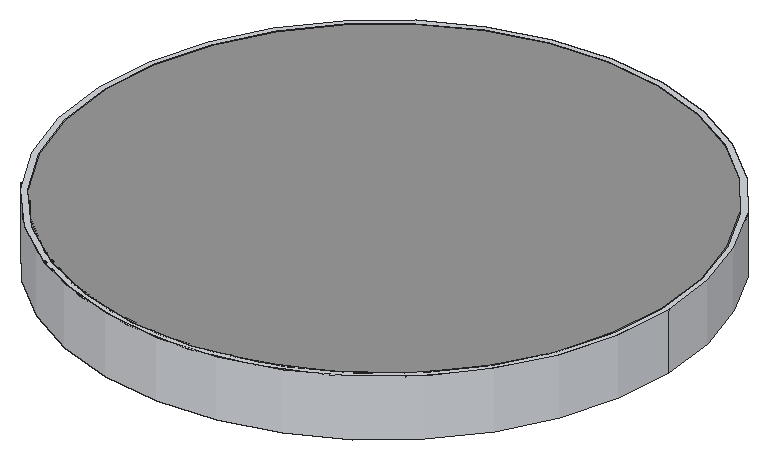
Revit family "2071204", category Lighting Fixtures, host Face, Revit 2018
Family settings
  Host = Face
  Round Connector Dimension = Use Diameter
  Part Type = Normal
  OmniClass Number = 23.80.70.00
  OmniClass Title = Lighting
  Cut with Voids When Loaded = No
  Light Source = Yes
  Shared = No
  Room Calculation Point = No
Parameters (values of type "2071204 COLOSSAL 600 830 PR DIR+H WHT EM")
  iner diameter = 588 mm
  Weight = "n/a"
  Wattage Comments = ""
  Wattage = 30 W
  WarrantyStartDate [instance] = "n/a"
  WarrantyGuarantorParts = "n/a"
  WarrantyDurationUnit = "n/a"
  WarrantyDurationParts = ""
  WarrantyDescription = "http://www.sylvania-lighting.com"
  built-in parameter 1150110 = 1 (stored number, unit not read)
  Voltage = 230 V
  URL = "0.95"
  TypeName = "COLOSSAL 600mm 830 PRISM DIR+HAL WHITE EM"
  Type Image = <None>
  Type Comments = "n/a"
  built-in parameter 1114217 = 1 (stored number, unit not read)
  Tilt Angle = -90.00°
  built-in parameter 1150109 = 1 (stored number, unit not read)
  built-in parameter 1150134 = (empty or 0)
  built-in parameter 1150113 = 1 (stored number, unit not read)
  SerialNumber [instance] = "n/a"
  Photometric Web File = "2071204.ies"
  Material_3_SYL = LED-Sylvania
  PowerFactor = 0
  PowerConsumption = "Lighting"
  NominalLength = 600 mm
  NominalHeight = 93 mm
  NominalDepth = 600 mm
  Name = "COLOSSAL 600mm 830 PRISM DIR+HAL WHITE EM"
  ModelReference = Name  # "COLOSSAL 600mm 830 PRISM DIR+HAL WHITE EM"
  ModelNumber = "2071204"
  Model = Name  # "COLOSSAL 600mm 830 PRISM DIR+HAL WHITE EM"
  Material = "Feilo Sylvania"
  ManufacturerName = "121 lm/W"
  Manufacturer = ""
  LuminousEfficacy = ""
  built-in parameter 1150105 = 270.44 (stored number, unit not read)
  Lumens = 3398.4 lm
  LuminaireType = "0"
  built-in parameter 1150115 = 1 (stored number, unit not read)
  LightOutputRatio = "LED"
  built-in parameter 1150137 = (empty or 0)
  built-in parameter 1150139 = (empty or 0)
  LampsType = Lamp  # "n/a"
  LampNominalLuminous = "3000 K"
  LampMacAdamStep = "80"
  LampColourTemperature = "LED"
  LampColourRenderingIndex = "16500"
  built-in parameter 1150112 = 1 (stored number, unit not read)
  built-in parameter 1150114 = 1 (stored number, unit not read)
  Lamp = "n/a"
  Keynote = "n/a"
  InstallationDate [instance] = "n/a"
  InputVoltage = "0"
  InputNominalFrequency = "3000"
  built-in parameter 1150132 = (empty or 0)
  built-in parameter 1150102 = (empty or 0)
  built-in parameter 1150107 = 3000 (stored number, unit not read)
  built-in parameter 1150138 = (empty or 0)
  IngressProtection = "IfcLightFixtureType"
  ImpactProtectionIndex = "IfcLightFixtureType"
  built-in parameter 1150106 = 2.7044 (stored number, unit not read)
  IfcExportType = "IfcLightFixtureType"
  IfcExportAs = "Class I"
  Emit from Circle Diameter = 385 mm
  Emit Shape Visible in Rendering = no
  ElectricShockClassification = "121"
  built-in parameter 1150104 = 10.524 (stored number, unit not read)
  DocumentationLiterature = "http://www.sylvania-lighting.com/product/en-int/products/2071204"
  DimmingControlOptions = "n/a"
  Material_2_SYL = Polycarbonate_Sylvania_White
  Dimming Lamp Color Temperature Shift = <None>
  Description = "600mm diameter circular architectural luminaire, can be surface mounted or suspended. Powder coated aluminium housing (RAL9016) with PMMA prismatic diffuser. Direct/indirect (halo) light distribution, 3900lm luminuous flux, 32.1W system power, 121lm/W luminiaire efficacy. Constant current driver. 3 hours integrated emergency. Colour rendering index Ra >80, 3000K Warm White LED, chromaticity tolerance of 3-step MacAdam ellipse. IP40, IK03. 350mA drive current. UGR≤19. Electrical protection Class1, 220-240V. Reported lifetime 66k hours L90B10."
  Default Elevation = 1219.2 mm
  CreatedOn = "23/03/2022"
  CreatedBy = "@sylvania-lighting.com"
  Cost = 0
  Color Filter = 16777215
  built-in parameter 1114216 [instance] = (empty or 0)
  ClassificationValue = "EF_70_80"
  ClassificationName = "Uniclass2015"
  Material_1_SYL = Polycarbonate_Sylvania_Opal
  BarCode [instance] = "n/a"
  built-in parameter 1114218 = 1 (stored number, unit not read)
  built-in parameter 1150133 = 10 (stored number, unit not read)
  AssetType = "Fixed"
  AssetIdentifier [instance] = "n/a"
  Assembly Code = "D5020200"
  Apparent Load = 32.1 VA
  Material_4_SYL = none
Reference planes
  plane 1 "Center (Front/Back)": y = 0
  plane 2: z = 0
  plane 3 "Center (Left/Right)": x = 0
  plane 4: x = -300
  plane 5: x = 300
  plane 6: y = 300
  plane 7: y = -300
  plane 8: y = 212
  plane 9: y = -212
  plane 10: z = 93
  plane 11: y = 294
  plane 12: y = -294
  plane 13: through (0, 0, 1219.2) normal (0.5, -0.866, 0)
  plane 14: through (-134.29, 20.617, 1219.2) normal (0.5, -0.866, 0)
  plane 15: through (-144.685, -181.683, 1219.2) normal (-0.5, 0.866, 0)
  plane 16: through (0, 0, 1219.2) normal (0.5, 0.866, 0)
  plane 17: through (178.555, -4.939, 1219.2) normal (0.5, 0.866, 0)
  plane 18: through (87.581, -148.715, 1219.2) normal (0.5, 0.866, 0)
  plane 19: y = 272
  plane 20: through (105.168, 227.067, 1219.2) normal (0.866, 0.5, 0)
  plane 21: through (-104.171, 225.672, 1219.2) normal (0.8572, -0.515, 0)
  plane 22: y = -204.612
  plane 23: through (-296.643, -30.2, 1219.2) normal (0.866, 0.5, 0)
  plane 24: through (153.092, -278.837, 1219.2) normal (-0.866, 0.5, 0)
Forms (mm)
  Extrusion 1, solid, detail levels medium+fine
    sketch origin (0, 0, 0) x (1, 0, 0) y (0, 1, 0)
      loop
        circle (0, 0) r 300
    from 33.023 to 93
  Extrusion 2, void
    sketch origin (0, 0, 0) x (1, 0, 0) y (0, 1, 0)
      loop
        circle (0, 0) r 294
    from 93 to 37.292
  Extrusion 3, solid, material "Glass, White, High Luminance", detail levels fine
    sketch origin (0, 0, 0) x (1, 0, 0) y (0, 1, 0)
      loop
        circle (0, 0) r 294
    from 88.026 to 93
  Extrusion 4, solid, detail levels coarse
    sketch origin (0, 0, 0) x (1, 0, 0) y (0, 1, 0)
      loop
        line (-300, 300) -> (-300, -300) -> (300, -300) -> (300, 300) -> (-300, 300)
    from 0 to 93
  Blend 5, solid, detail levels medium+fine
    base sketch origin (0, 0, 0) x (1, 0, 0) y (0, 1, 0)
      loop
        line (-76.334, 272) -> (-277.665, -63.07) -> (-195.946, -204.612) -> (195.946, -204.612) -> (275.172, -67.388) -> (79.226, 272) -> (-76.334, 272)
    top sketch origin (0, 0, 0) x (1, 0, 0) y (0, 1, 0)
      loop
        line (-226.097, -32.388) -> (-141.097, -179.612) -> (141.097, -179.612) -> (226.097, -32.388) -> (85, 212) -> (-85, 212) -> (-226.097, -32.388)
    from 33.023 to 0
Cuts and joins
  Extrusion 2 cuts Extrusion 1
Lines and regions (mm)
  model lines
    curve 1: line (-85, 212, 0) -> (0, 212, 0)
    curve 2: line (0, 212, 0) -> (85, 212, 0)
Dimensions and locks
  "NominalDepth": plane 6 to plane 7
  "NominalLength": plane 4 to plane 5
  equal spacing: plane 4, plane 3 "Center (Left/Right)", plane 5
  "iner diameter": plane 11 to plane 12
  equal spacing: plane 11, plane 1 "Center (Front/Back)", plane 12
  equal spacing: plane 6, plane 1 "Center (Front/Back)", plane 7
  "NominalHeight": plane 10 to level
  radius of Extrusion 2 sketch curve = 294 mm
  aligned and locked: plane 2 to host face
  aligned and locked: level to host face
Automatic sketch dimensions
  host sketch curve to host sketch curve = 2438.4 mm  (x2)
  plane 1 "Center (Front/Back)" to Extrusion 1 sketch curve = 0 mm
  Extrusion 1 sketch curve to plane 3 "Center (Left/Right)" = 0 mm
  plane 1 "Center (Front/Back)" to Extrusion 2 sketch curve = 0 mm
  Extrusion 2 sketch curve to plane 3 "Center (Left/Right)" = 0 mm
  plane 1 "Center (Front/Back)" to Extrusion 3 sketch curve = 0 mm
  Extrusion 3 sketch curve to plane 3 "Center (Left/Right)" = 0 mm
  Extrusion 4 sketch curve to plane 4 = 0 mm
  Extrusion 4 sketch curve to plane 5 = 0 mm
  Extrusion 4 sketch curve to plane 7 = 0 mm
  Extrusion 4 sketch curve to plane 6 = 0 mm
  Blend 5 sketch curve to plane 8 = 0 mm
  Blend 5 sketch curve to plane 3 "Center (Left/Right)" = 85 mm
  plane 3 "Center (Left/Right)" to Blend 5 sketch curve = 85 mm
  plane 9 to Blend 5 sketch curve = 32.388 mm
  plane 3 "Center (Left/Right)" to Blend 5 sketch curve = 141.097 mm
  plane 1 "Center (Front/Back)" to Blend 5 sketch curve = 32.388 mm  (x2)
  Blend 5 sketch curve to plane 5 = 73.903 mm
  Blend 5 sketch curve to plane 3 "Center (Left/Right)" = 141.097 mm
  plane 4 to Blend 5 sketch curve = 73.903 mm
  curve 1 to plane 8 = 0 mm
  curve 2 to plane 3 "Center (Left/Right)" = 0 mm
  curve 1 to plane 3 "Center (Left/Right)" = 85 mm
  curve 1 to curve 2 = 85 mm
  Blend 5 sketch curve to plane 21 = 0 mm
  Blend 5 sketch curve to plane 23 = 0 mm  (x2)
  Blend 5 sketch curve to plane 22 = 0 mm
  Blend 5 sketch curve to plane 19 = 0 mm
  plane 21 to Blend 5 sketch curve = 0 mm
  Blend 5 sketch curve to plane 20 = 0 mm  (x2)
  Blend 5 sketch curve to plane 24 = 0 mm  (x2)
  radius of Extrusion 1 sketch curve = 300 mm
  radius of Extrusion 3 sketch curve = 294 mm
Connectors
  electrical at (0, 0, 0), driven by "Apparent Load", driven by "PowerFactor", driven by "Voltage"
    settings: index 1, voltage 230 V, apparent load 32.1 VA, apparent load phase1 0 VA, apparent load phase2 0 VA, apparent load phase3 0 VA, power factor 0, load classification "Lighting", number of poles 1, system type 30, power factor state 1, is connector primary yes, connector utility no, sub classification motor no, connector description ""
